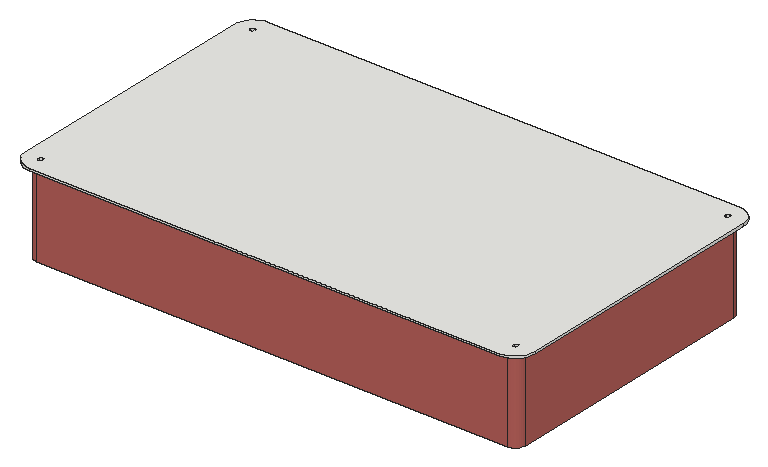
Revit family "Building-ContenitoriIncasso-GEWISS-48PTDIN-CASSETTE-DERIVAZIONE_INCASSO", category Apparecchi elettrici, host Superficie, Revit 2016 (continued)
Definition of nested family "2D - 48PTDIN CASSETTE DERIVAZIONE INCASSO"
  Lines and regions (mm)
    detail lines, in view "Livello rif.", detail levels medium+fine
      curve 319: line (-11.368, -87.5, 0) -> (-98.945, -87.5, 0)
      curve 320: line (-98.945, -87.5, 0) -> (-108, -78.445, 0)
      curve 321: line (-108, -78.445, 0) -> (-108, 78.445, 0)
      curve 322: line (-108, 78.445, 0) -> (-98.945, 87.5, 0)
      curve 323: line (-98.945, 87.5, 0) -> (-11.368, 87.5, 0)
      curve 324: line (-11.368, 87.5, 0) -> (-1.2, 87.5, 0)
      curve 325: line (-1.2, 87.5, 0) -> (-1.2, 97.587, 0)
      curve 328: line (0, 97.628, 0) -> (0, -97.625, 0)
    detail lines, in view "Livello rif.", not visible, detail levels medium+fine
      curve 329: line (-21.237, -253.992, 0) -> (-21.237, -263.474, 0)
      curve 330: line (-21.237, -263.474, 0) -> (-15.311, -263.474, 0)
      curve 331: line (-15.311, -263.474, 0) -> (-15.311, -264.782, 0)
      curve 332: line (-15.311, -264.782, 0) -> (-21.237, -264.782, 0)
      curve 333: line (-21.237, -264.782, 0) -> (-21.237, -268.868, 0)
      curve 334: line (-21.237, -268.868, 0) -> (-17.559, -268.868, 0)
      curve 335: line (-17.559, -268.868, 0) -> (-14.906, -268.379, 0)
      curve 336: line (-14.906, -268.379, 0) -> (-12.602, -266.976, 0)
      curve 337: line (-12.602, -266.976, 0) -> (-10.95, -264.843, 0)
      curve 338: line (-10.95, -264.843, 0) -> (-10.168, -262.262, 0)
      curve 339: line (-10.168, -262.262, 0) -> (-10.37, -259.387, 0)
      curve 340: line (-10.37, -259.387, 0) -> (-17.15, -259.387, 0)
      curve 341: line (-17.15, -259.387, 0) -> (-17.15, -258.079, 0)
      curve 342: line (-17.15, -258.079, 0) -> (-11.33, -258.079, 0)
      curve 343: line (-11.33, -258.079, 0) -> (-11.172, -258.022, 0)
      curve 344: line (-11.172, -258.022, 0) -> (-11.088, -257.877, 0)
      curve 345: line (-11.088, -257.877, 0) -> (-11.118, -257.711, 0)
      curve 346: line (-11.118, -257.711, 0) -> (-12.778, -255.733, 0)
      curve 347: line (-12.778, -255.733, 0) -> (-15.015, -254.441, 0)
      curve 348: line (-15.015, -254.441, 0) -> (-17.559, -253.992, 0)
      curve 349: line (-17.559, -253.992, 0) -> (-21.237, -253.992, 0)
      curve 350: line (-26.632, -263.474, 0) -> (-34.07, -263.474, 0)
      curve 351: line (-34.07, -263.474, 0) -> (-34.07, -253.992, 0)
      curve 352: line (-34.07, -253.992, 0) -> (-22.545, -253.992, 0)
      curve 353: line (-22.545, -253.992, 0) -> (-22.545, -258.079, 0)
      curve 354: line (-22.545, -258.079, 0) -> (-29.983, -258.079, 0)
      curve 355: line (-29.983, -258.079, 0) -> (-29.983, -259.387, 0)
      curve 356: line (-29.983, -259.387, 0) -> (-22.545, -259.387, 0)
      curve 357: line (-22.545, -259.387, 0) -> (-22.545, -268.868, 0)
      curve 358: line (-22.545, -268.868, 0) -> (-34.07, -268.868, 0)
      curve 359: line (-34.07, -268.868, 0) -> (-34.07, -264.782, 0)
      curve 360: line (-34.07, -264.782, 0) -> (-26.632, -264.782, 0)
      curve 361: line (-26.632, -264.782, 0) -> (-26.632, -263.474, 0)
      curve 362: line (-35.378, -268.868, 0) -> (-35.378, -259.387, 0)
      curve 363: line (-35.378, -259.387, 0) -> (-39.465, -259.387, 0)
      curve 364: line (-39.465, -259.387, 0) -> (-39.465, -268.868, 0)
      curve 365: line (-39.465, -268.868, 0) -> (-35.378, -268.868, 0)
      curve 366: line (-60.43, -253.992, 0) -> (-60.43, -258.079, 0)
      curve 367: line (-60.43, -258.079, 0) -> (-55.812, -258.079, 0)
      curve 368: line (-55.812, -258.079, 0) -> (-53.196, -268.868, 0)
      curve 369: line (-53.196, -268.868, 0) -> (-49.109, -268.868, 0)
      curve 370: line (-49.109, -268.868, 0) -> (-47.904, -262.738, 0)
      curve 371: line (-47.904, -262.738, 0) -> (-46.698, -268.868, 0)
      curve 372: line (-46.698, -268.868, 0) -> (-42.611, -268.868, 0)
      curve 373: line (-42.611, -268.868, 0) -> (-40.2, -258.079, 0)
      curve 374: line (-40.2, -258.079, 0) -> (-35.378, -258.079, 0)
      curve 375: line (-35.378, -258.079, 0) -> (-35.378, -253.992, 0)
      curve 376: line (-35.378, -253.992, 0) -> (-43.347, -253.992, 0)
      curve 377: line (-43.347, -253.992, 0) -> (-44.818, -260.286, 0)
      curve 378: line (-44.818, -260.286, 0) -> (-45.84, -253.992, 0)
      curve 379: line (-45.84, -253.992, 0) -> (-50.09, -253.992, 0)
      curve 380: line (-50.09, -253.992, 0) -> (-51.112, -260.286, 0)
      curve 381: line (-51.112, -260.286, 0) -> (-52.583, -253.992, 0)
      curve 382: line (-52.583, -253.992, 0) -> (-60.43, -253.992, 0)
      curve 383: line (-67.868, -268.868, 0) -> (-67.868, -253.992, 0)
      curve 384: line (-67.868, -253.992, 0) -> (-61.738, -253.992, 0)
      curve 385: line (-61.738, -253.992, 0) -> (-61.738, -258.079, 0)
      curve 386: line (-61.738, -258.079, 0) -> (-63.781, -258.079, 0)
      curve 387: line (-63.781, -258.079, 0) -> (-63.781, -259.387, 0)
      curve 388: line (-63.781, -259.387, 0) -> (-56.343, -259.387, 0)
      curve 389: line (-56.343, -259.387, 0) -> (-56.343, -263.474, 0)
      curve 390: line (-56.343, -263.474, 0) -> (-63.781, -263.474, 0)
      curve 391: line (-63.781, -263.474, 0) -> (-63.781, -264.782, 0)
      curve 392: line (-63.781, -264.782, 0) -> (-56.343, -264.782, 0)
      curve 393: line (-56.343, -264.782, 0) -> (-56.343, -268.868, 0)
      curve 394: line (-56.343, -268.868, 0) -> (-67.868, -268.868, 0)
      curve 395: line (-73.263, -264.782, 0) -> (-73.263, -259.387, 0)
      curve 396: line (-73.263, -259.387, 0) -> (-69.176, -259.387, 0)
      curve 397: line (-69.176, -259.387, 0) -> (-69.176, -268.868, 0)
      curve 398: line (-69.176, -268.868, 0) -> (-72.854, -268.868, 0)
      curve 399: line (-72.854, -268.868, 0) -> (-76.081, -268.132, 0)
      curve 400: line (-76.081, -268.132, 0) -> (-78.669, -266.068, 0)
      curve 401: line (-78.669, -266.068, 0) -> (-80.106, -263.086, 0)
      curve 402: line (-80.106, -263.086, 0) -> (-80.106, -259.775, 0)
      curve 403: line (-80.106, -259.775, 0) -> (-78.669, -256.793, 0)
      curve 404: line (-78.669, -256.793, 0) -> (-76.081, -254.729, 0)
      curve 405: line (-76.081, -254.729, 0) -> (-72.854, -253.992, 0)
      curve 406: line (-72.854, -253.992, 0) -> (-69.176, -253.992, 0)
      curve 407: line (-69.176, -253.992, 0) -> (-69.176, -258.079, 0)
      curve 408: line (-69.176, -258.079, 0) -> (-74.571, -258.079, 0)
      curve 409: line (-74.571, -258.079, 0) -> (-74.571, -264.782, 0)
      curve 410: line (-74.571, -264.782, 0) -> (-73.263, -264.782, 0)
      curve 460: line (-21.237, -236.621, 0) -> (-21.237, -246.102, 0)
      curve 461: line (-21.237, -246.102, 0) -> (-15.311, -246.102, 0)
      curve 462: line (-15.311, -246.102, 0) -> (-15.311, -247.41, 0)
      curve 463: line (-15.311, -247.41, 0) -> (-21.237, -247.41, 0)
      curve 464: line (-21.237, -247.41, 0) -> (-21.237, -251.497, 0)
      curve 465: line (-21.237, -251.497, 0) -> (-17.559, -251.497, 0)
      curve 466: line (-17.559, -251.497, 0) -> (-14.906, -251.008, 0)
      curve 467: line (-14.906, -251.008, 0) -> (-12.602, -249.604, 0)
      curve 468: line (-12.602, -249.604, 0) -> (-10.95, -247.472, 0)
      curve 469: line (-10.95, -247.472, 0) -> (-10.168, -244.89, 0)
      curve 470: line (-10.168, -244.89, 0) -> (-10.37, -242.015, 0)
      curve 471: line (-10.37, -242.015, 0) -> (-17.15, -242.015, 0)
      curve 472: line (-17.15, -242.015, 0) -> (-17.15, -240.708, 0)
      curve 473: line (-17.15, -240.708, 0) -> (-11.33, -240.708, 0)
      curve 474: line (-11.33, -240.708, 0) -> (-11.172, -240.65, 0)
      curve 475: line (-11.172, -240.65, 0) -> (-11.088, -240.505, 0)
      curve 476: line (-11.088, -240.505, 0) -> (-11.118, -240.34, 0)
      curve 477: line (-11.118, -240.34, 0) -> (-12.778, -238.361, 0)
      curve 478: line (-12.778, -238.361, 0) -> (-15.015, -237.069, 0)
      curve 479: line (-15.015, -237.069, 0) -> (-17.559, -236.621, 0)
      curve 480: line (-17.559, -236.621, 0) -> (-21.237, -236.621, 0)
      curve 481: line (-26.632, -246.102, 0) -> (-34.07, -246.102, 0)
      curve 482: line (-34.07, -246.102, 0) -> (-34.07, -236.621, 0)
      curve 483: line (-34.07, -236.621, 0) -> (-22.545, -236.621, 0)
      curve 484: line (-22.545, -236.621, 0) -> (-22.545, -240.708, 0)
      curve 485: line (-22.545, -240.708, 0) -> (-29.983, -240.708, 0)
      curve 486: line (-29.983, -240.708, 0) -> (-29.983, -242.015, 0)
      curve 487: line (-29.983, -242.015, 0) -> (-22.545, -242.015, 0)
      curve 488: line (-22.545, -242.015, 0) -> (-22.545, -251.497, 0)
      curve 489: line (-22.545, -251.497, 0) -> (-34.07, -251.497, 0)
      curve 490: line (-34.07, -251.497, 0) -> (-34.07, -247.41, 0)
      curve 491: line (-34.07, -247.41, 0) -> (-26.632, -247.41, 0)
      curve 492: line (-26.632, -247.41, 0) -> (-26.632, -246.102, 0)
      curve 493: line (-35.378, -251.497, 0) -> (-35.378, -242.015, 0)
      curve 494: line (-35.378, -242.015, 0) -> (-39.465, -242.015, 0)
      curve 495: line (-39.465, -242.015, 0) -> (-39.465, -251.497, 0)
      curve 496: line (-39.465, -251.497, 0) -> (-35.378, -251.497, 0)
      curve 497: line (-60.43, -236.621, 0) -> (-60.43, -240.708, 0)
      curve 498: line (-60.43, -240.708, 0) -> (-55.812, -240.708, 0)
      curve 499: line (-55.812, -240.708, 0) -> (-53.196, -251.497, 0)
      curve 500: line (-53.196, -251.497, 0) -> (-49.109, -251.497, 0)
      curve 501: line (-49.109, -251.497, 0) -> (-47.904, -245.367, 0)
      curve 502: line (-47.904, -245.367, 0) -> (-46.698, -251.497, 0)
      curve 503: line (-46.698, -251.497, 0) -> (-42.611, -251.497, 0)
      curve 504: line (-42.611, -251.497, 0) -> (-40.2, -240.708, 0)
      curve 505: line (-40.2, -240.708, 0) -> (-35.378, -240.708, 0)
      curve 506: line (-35.378, -240.708, 0) -> (-35.378, -236.621, 0)
      curve 507: line (-35.378, -236.621, 0) -> (-43.347, -236.621, 0)
      curve 508: line (-43.347, -236.621, 0) -> (-44.818, -242.915, 0)
      curve 509: line (-44.818, -242.915, 0) -> (-45.84, -236.621, 0)
      curve 510: line (-45.84, -236.621, 0) -> (-50.09, -236.621, 0)
      curve 511: line (-50.09, -236.621, 0) -> (-51.112, -242.915, 0)
      curve 512: line (-51.112, -242.915, 0) -> (-52.583, -236.621, 0)
      curve 513: line (-52.583, -236.621, 0) -> (-60.43, -236.621, 0)
      curve 514: line (-67.868, -251.497, 0) -> (-67.868, -236.621, 0)
      curve 515: line (-67.868, -236.621, 0) -> (-61.738, -236.621, 0)
      curve 516: line (-61.738, -236.621, 0) -> (-61.738, -240.708, 0)
      curve 517: line (-61.738, -240.708, 0) -> (-63.781, -240.708, 0)
      curve 518: line (-63.781, -240.708, 0) -> (-63.781, -242.015, 0)
      curve 519: line (-63.781, -242.015, 0) -> (-56.343, -242.015, 0)
      curve 520: line (-56.343, -242.015, 0) -> (-56.343, -246.102, 0)
      curve 521: line (-56.343, -246.102, 0) -> (-63.781, -246.102, 0)
      curve 522: line (-63.781, -246.102, 0) -> (-63.781, -247.41, 0)
      curve 523: line (-63.781, -247.41, 0) -> (-56.343, -247.41, 0)
      curve 524: line (-56.343, -247.41, 0) -> (-56.343, -251.497, 0)
      curve 525: line (-56.343, -251.497, 0) -> (-67.868, -251.497, 0)
      curve 526: line (-73.263, -247.41, 0) -> (-73.263, -242.015, 0)
      curve 527: line (-73.263, -242.015, 0) -> (-69.176, -242.015, 0)
      curve 528: line (-69.176, -242.015, 0) -> (-69.176, -251.497, 0)
      curve 529: line (-69.176, -251.497, 0) -> (-72.854, -251.497, 0)
      curve 530: line (-72.854, -251.497, 0) -> (-76.081, -250.76, 0)
      curve 531: line (-76.081, -250.76, 0) -> (-78.669, -248.696, 0)
      curve 532: line (-78.669, -248.696, 0) -> (-80.106, -245.714, 0)
      curve 533: line (-80.106, -245.714, 0) -> (-80.106, -242.404, 0)
      curve 534: line (-80.106, -242.404, 0) -> (-78.669, -239.421, 0)
      curve 535: line (-78.669, -239.421, 0) -> (-76.081, -237.357, 0)
      curve 536: line (-76.081, -237.357, 0) -> (-72.854, -236.621, 0)
      curve 537: line (-72.854, -236.621, 0) -> (-69.176, -236.621, 0)
      curve 538: line (-69.176, -236.621, 0) -> (-69.176, -240.708, 0)
      curve 539: line (-69.176, -240.708, 0) -> (-74.571, -240.708, 0)
      curve 540: line (-74.571, -240.708, 0) -> (-74.571, -247.41, 0)
      curve 541: line (-74.571, -247.41, 0) -> (-73.263, -247.41, 0)
  Dimensions and locks
    equal spacing: plane 4, plane 3 "Centro (Sinistra/Destra)", plane 5
    equal spacing: plane 6, plane 1 "Centro (Fronte/Retro)", plane 7
    "Larghezza": plane 6 to plane 7
    "Lunghezza": plane 4 to plane 5
    locked: plane 4 to curve 149 at 17.894
    locked: curve 99 to plane 6 at 17.619
    aligned and locked: curve 73 to plane 6
    aligned and locked: curve 326 to plane 7
    aligned and locked: plane 5 to curve 327
    aligned and locked: plane 4 to curve 72
  Automatic sketch dimensions
    curve 43 to curve 55 = 0 mm  (x2)
    curve 43 to curve 63 = 0 mm  (x2)
    curve 43 to curve 64 = 0 mm  (x2)
    curve 46 to curve 57 = 0 mm  (x2)
    curve 46 to curve 66 = 0 mm  (x2)
    curve 46 to curve 68 = 0 mm  (x2)
    curve 49 to curve 56 = 0 mm  (x2)
    curve 49 to curve 61 = 0 mm  (x2)
    curve 49 to curve 62 = 0 mm  (x2)
    curve 52 to curve 58 = 0 mm  (x2)
    curve 52 to curve 65 = 0 mm  (x2)
    curve 52 to curve 67 = 0 mm  (x2)
    curve 27 to plane 4 = 0 mm
    plane 1 "Centro (Fronte/Retro)" to curve 286 = 0 mm
    curve 326 to plane 7 = 0 mm
    curve 27 to plane 6 = 0 mm
    curve 328 to plane 3 "Centro (Sinistra/Destra)" = 0 mm
    plane 1 "Centro (Fronte/Retro)" to curve 226 = 0 mm
    curve 28 to plane 5 = 0 mm
    plane 4 to curve 48 = 1.813 mm
    plane 4 to curve 54 = 1.813 mm
    curve 54 to curve 52 = 0.187 mm
    curve 48 to curve 46 = 0.187 mm
    curve 70 to curve 52 = 0 mm
    curve 60 to curve 46 = 0 mm
    curve 70 to curve 53 = 1.502 mm
    curve 60 to curve 47 = 1.502 mm
    plane 4 to curve 33 = 5.985 mm
    plane 4 to curve 38 = 5.985 mm
    curve 33 to curve 40 = 4.014 mm
    curve 40 to curve 30 = 0.001 mm  (x2)
    curve 38 to curve 27 = 4.015 mm
    curve 27 to curve 42 = 0.006 mm
    curve 42 to curve 37 = 0.009 mm
    curve 40 to curve 34 = 0.016 mm
    curve 36 to plane 5 = 10.015 mm
    curve 31 to plane 5 = 10.015 mm
    curve 31 to curve 39 = 0.013 mm
    curve 39 to curve 29 = 0.002 mm
    curve 36 to curve 28 = 0.015 mm
    curve 29 to curve 32 = 4.015 mm
    curve 41 to curve 35 = 4.008 mm
    curve 50 to plane 5 = 3.502 mm
    curve 44 to plane 5 = 3.502 mm
    curve 50 to curve 56 = 1.502 mm
    curve 44 to curve 63 = 1.502 mm
    curve 69 to curve 49 = 0 mm
    curve 59 to curve 43 = 0 mm
    curve 43 to curve 45 = 0.187 mm
    curve 49 to curve 51 = 0.187 mm
    plane 7 to curve 44 = 1.813 mm
    plane 7 to curve 47 = 1.813 mm
    curve 47 to curve 60 = 0.185 mm
    curve 44 to curve 59 = 0.185 mm
    curve 59 to curve 63 = 0.002 mm
    curve 60 to curve 66 = 0.002 mm
    curve 43 to curve 45 = 1.502 mm
    curve 46 to curve 48 = 1.502 mm
    curve 31 to curve 29 = 4.015 mm
    curve 34 to curve 30 = 4.015 mm
    curve 29 to curve 39 = 0.006 mm
    curve 39 to curve 32 = 0.01 mm
    curve 40 to curve 33 = 0.017 mm
    curve 38 to curve 27 = 0.015 mm
    curve 35 to curve 28 = 0.015 mm
    curve 42 to curve 27 = 0.002 mm
    curve 28 to curve 41 = 0.006 mm
    curve 41 to curve 36 = 4.009 mm
    curve 27 to curve 37 = 4.015 mm
    curve 51 to plane 6 = 3.502 mm
    curve 54 to plane 6 = 3.502 mm
    curve 54 to curve 52 = 1.502 mm
    curve 51 to curve 61 = 1.502 mm
    curve 49 to curve 69 = 0.002 mm
    curve 52 to curve 70 = 0.002 mm
    curve 70 to curve 53 = 0.185 mm
    curve 69 to curve 50 = 0.185 mm
    plane 4 to curve 65 = 2.57 mm
    plane 4 to curve 68 = 2.57 mm
    curve 68 to curve 68 = 1.201 mm
    curve 65 to curve 53 = 1.201 mm
    curve 159 to curve 33 = 1.105 mm  (x2)
    curve 162 to curve 38 = 1.105 mm
    curve 162 to curve 38 = 0 mm
    curve 159 to curve 33 = 0 mm  (x2)
    curve 47 to curve 47 = 1.641 mm
    curve 53 to curve 53 = 1.641 mm
    curve 47 to curve 66 = 0.626 mm
    curve 53 to curve 67 = 0.626 mm
    curve 67 to curve 281 = 0.003 mm
    curve 66 to curve 277 = 0.003 mm
    curve 281 to curve 282 = 0.006 mm
    curve 277 to curve 278 = 0.006 mm
    plane 4 to curve 289 = 6.068 mm
    plane 1 "Centro (Fronte/Retro)" to curve 276 = 0.75 mm
    plane 4 to curve 276 = 6.068 mm
    curve 282 to curve 283 = 0.193 mm
    curve 278 to curve 278 = 0.193 mm
    curve 279 to curve 186 = 0.801 mm
    curve 281 to curve 283 = 0.801 mm
    curve 33 to curve 158 = 1.108 mm
    curve 38 to curve 38 = 1.11 mm
    curve 194 to curve 196 = 0.497 mm
    curve 273 to curve 173 = 1.47 mm
    curve 289 to curve 174 = 1.47 mm
    curve 279 to curve 187 = 0.497 mm
    curve 268 to curve 185 = 1.47 mm
    curve 185 to curve 46 = 0 mm
    curve 194 to curve 52 = 0 mm
    curve 162 to curve 37 = 1.11 mm
    curve 34 to curve 34 = 1.108 mm
    curve 174 to curve 288 = 2.962 mm
    curve 186 to curve 267 = 3.459 mm
    curve 283 to curve 292 = 3.459 mm
    curve 274 to curve 267 = 0 mm
    curve 34 to curve 34 = 1.105 mm
    curve 37 to curve 37 = 1.105 mm
    curve 37 to curve 163 = 0 mm
    curve 34 to curve 158 = 0 mm  (x2)
    curve 266 to curve 320 = 1.5 mm
    curve 163 to curve 197 = 1.842 mm
    curve 158 to curve 182 = 1.842 mm
    curve 182 to curve 46 = 0 mm  (x2)
    curve 197 to curve 52 = 0 mm
    curve 182 to curve 272 = 0.237 mm
    curve 197 to curve 198 = 0.237 mm
    curve 306 to curve 304 = 0.324 mm
    curve 271 to curve 272 = 0.324 mm
    curve 307 to plane 6 = 6.24 mm
    curve 307 to curve 58 = 0.052 mm
    curve 270 to curve 57 = 0.052 mm
    curve 305 to plane 6 = 6.046 mm
    curve 58 to curve 305 = 0.015 mm
    plane 7 to curve 269 = 6.046 mm
    curve 57 to curve 269 = 0.015 mm
    plane 7 to curve 270 = 6.041 mm
    curve 269 to curve 270 = 0.002 mm
    curve 304 to plane 6 = 6.041 mm
    curve 305 to curve 304 = 0.002 mm
    curve 304 to curve 54 = 0.183 mm
    curve 270 to curve 57 = 0.183 mm
    curve 54 to curve 70 = 0.149 mm
    curve 48 to curve 60 = 0.149 mm
    curve 54 to curve 70 = 0.117 mm
    curve 48 to curve 60 = 0.117 mm
    curve 46 to curve 265 = 7.537 mm
    curve 52 to curve 294 = 7.537 mm
    curve 265 to curve 320 = 0.555 mm
    curve 293 to curve 322 = 0.555 mm
    curve 322 to curve 294 = 13.395 mm
    curve 319 to curve 184 = 13.395 mm
    curve 264 to curve 261 = 1.5 mm
    curve 294 to curve 298 = 1.5 mm
    curve 299 to plane 6 = 11 mm
    curve 299 to plane 3 "Centro (Sinistra/Destra)" = 23.15 mm
    plane 7 to curve 260 = 6.068 mm
    curve 260 to plane 3 "Centro (Sinistra/Destra)" = 23.15 mm
    curve 260 to curve 258 = 1.5 mm
    curve 299 to curve 300 = 1.5 mm
    curve 257 to curve 319 = 10.282 mm
    curve 301 to curve 303 = 10.282 mm
    curve 256 to curve 318 = 0 mm
    curve 324 to curve 303 = 0 mm
    curve 256 to plane 3 "Centro (Sinistra/Destra)" = 1.2 mm
    curve 303 to plane 3 "Centro (Sinistra/Destra)" = 1.2 mm
    plane 3 "Centro (Sinistra/Destra)" to curve 208 = 1.2 mm
    plane 3 "Centro (Sinistra/Destra)" to curve 244 = 1.2 mm
    curve 315 to curve 314 = 10.168 mm
    curve 244 to curve 244 = 10.168 mm
    curve 309 to curve 244 = 0 mm
    curve 209 to curve 314 = 0 mm
    curve 208 to curve 201 = 10.282 mm
    curve 244 to curve 246 = 10.282 mm
    curve 246 to curve 248 = 1.5 mm
    curve 201 to curve 168 = 1.5 mm
    curve 250 to curve 31 = 25.935 mm
    curve 213 to plane 6 = 11 mm
    curve 213 to curve 28 = 25.95 mm
    curve 168 to curve 188 = 1.5 mm
    curve 249 to curve 235 = 1.5 mm
    curve 310 to curve 39 = 11.119 mm
    curve 313 to curve 28 = 11.055 mm
    curve 313 to curve 217 = 0.555 mm
    curve 310 to curve 233 = 0.621 mm
    curve 59 to curve 39 = 4.039 mm
    curve 69 to curve 41 = 4.048 mm
    curve 59 to curve 59 = 0.117 mm
    curve 69 to curve 51 = 0.117 mm
    curve 59 to curve 55 = 0.149 mm
    curve 51 to curve 56 = 0.149 mm
    curve 204 to plane 6 = 6.041 mm
    curve 51 to curve 204 = 0.183 mm
    plane 7 to curve 252 = 6.041 mm
    curve 45 to curve 252 = 0.183 mm
    curve 205 to plane 6 = 6.046 mm
    curve 204 to curve 205 = 0.002 mm
    plane 7 to curve 253 = 6.046 mm
    curve 252 to curve 253 = 0.002 mm
    curve 252 to curve 55 = 0.017 mm
    curve 204 to curve 56 = 0.017 mm
    curve 207 to plane 6 = 6.24 mm
    curve 205 to curve 207 = 0.067 mm
    curve 253 to curve 253 = 0.067 mm
    plane 7 to curve 254 = 6.24 mm
    curve 252 to curve 180 = 0.324 mm
    curve 205 to curve 189 = 0.324 mm
    curve 190 to curve 49 = 0.237 mm
    curve 181 to curve 43 = 0.237 mm
    curve 43 to curve 180 = 0 mm
    curve 49 to curve 189 = 0 mm
    curve 312 to curve 39 = 1.998 mm
    curve 160 to curve 36 = 1.108 mm
    curve 31 to curve 31 = 1.102 mm
    curve 312 to curve 218 = 1.5 mm
    curve 222 to curve 219 = 0 mm
    curve 229 to plane 5 = 10.5 mm
    curve 71 to curve 218 = 0 mm
    curve 231 to curve 228 = 0 mm
    curve 31 to curve 31 = 1.105 mm  (x2)
    curve 31 to curve 74 = 0 mm  (x2)
    curve 36 to curve 36 = 1.108 mm
    curve 49 to curve 35 = 1.553 mm
    curve 43 to curve 32 = 1.553 mm
    curve 43 to curve 178 = 0 mm
    curve 223 to curve 169 = 2.962 mm
    curve 193 to curve 169 = 0 mm
    plane 1 "Centro (Fronte/Retro)" to curve 170 = 0.75 mm
    curve 170 to curve 169 = 0 mm
    curve 35 to curve 35 = 1.108 mm  (x2)
    curve 75 to curve 32 = 1.105 mm
    curve 75 to curve 32 = 0 mm  (x2)
    curve 176 to curve 177 = 0.497 mm
    curve 191 to curve 238 = 0.497 mm
    curve 177 to curve 242 = 0.801 mm
    curve 238 to curve 239 = 0.801 mm
    curve 176 to curve 231 = 1.47 mm
    curve 169 to curve 222 = 1.47 mm
    curve 170 to curve 226 = 1.47 mm
    curve 237 to curve 237 = 0.193 mm
    curve 241 to curve 241 = 0.193 mm
    curve 241 to curve 240 = 0.006 mm
    curve 237 to curve 236 = 0.006 mm
    curve 236 to curve 62 = 0.003 mm
    curve 240 to curve 63 = 0.003 mm
    curve 236 to curve 50 = 0.629 mm
    curve 240 to curve 44 = 0.629 mm
    curve 32 to curve 32 = 1.102 mm
    curve 50 to curve 61 = 1.641 mm
    curve 44 to curve 44 = 1.641 mm
    curve 44 to curve 64 = 1.201 mm
    curve 50 to curve 61 = 1.201 mm
    curve 164 to plane 5 = 2.371 mm
    curve 328 to curve 308 = 0.038 mm
    curve 328 to curve 317 = 0.038 mm
    plane 7 to curve 59 = 2.568 mm
    plane 7 to curve 60 = 2.568 mm
    curve 159 to curve 34 = 1.102 mm
    plane 7 to curve 262 = 6.068 mm
    plane 7 to curve 246 = 6.068 mm
    curve 252 to curve 255 = 0.801 mm
    curve 271 to curve 272 = 0.801 mm
    curve 258 to curve 202 = 1.47 mm
    curve 182 to curve 182 = 0.497 mm
    curve 246 to curve 200 = 1.47 mm
    curve 247 to curve 171 = 1.47 mm
    curve 262 to curve 172 = 1.47 mm
    curve 263 to curve 184 = 1.47 mm
    curve 235 to curve 179 = 1.47 mm
    curve 179 to curve 43 = 0 mm
    curve 74 to curve 32 = 1.108 mm
    curve 200 to curve 245 = 3.462 mm
    curve 179 to curve 235 = 3.462 mm
    curve 260 to curve 258 = 0 mm
    curve 250 to curve 234 = 0 mm
    curve 264 to curve 262 = 0 mm
    curve 46 to curve 266 = 3.462 mm
    curve 244 to curve 309 = 1.5 mm
    curve 265 to curve 319 = 1.5 mm
    curve 233 to curve 311 = 1.5 mm
    curve 46 to curve 187 = 0 mm
    curve 43 to curve 177 = 0 mm
    curve 176 to curve 243 = 0.237 mm
    curve 185 to curve 186 = 0.237 mm
    curve 177 to curve 241 = 0.324 mm
    curve 186 to curve 280 = 0.324 mm
    curve 241 to curve 63 = 0.052 mm
    curve 277 to curve 66 = 0.052 mm
    curve 63 to curve 241 = 0.015 mm
    curve 66 to curve 278 = 0.015 mm
    curve 241 to curve 240 = 0.002 mm
    curve 278 to curve 277 = 0.002 mm
    curve 186 to curve 266 = 7.8 mm
    curve 177 to curve 232 = 7.8 mm
    curve 266 to curve 320 = 0.555 mm
    curve 232 to curve 312 = 0.621 mm
    curve 311 to curve 232 = 13.229 mm
    curve 266 to curve 273 = 13.85 mm
    curve 268 to curve 273 = 1.5 mm
    curve 231 to curve 228 = 1.5 mm
    curve 224 to plane 1 "Centro (Fronte/Retro)" = 0.75 mm
    curve 174 to plane 1 "Centro (Fronte/Retro)" = 0.75 mm
    curve 288 to curve 42 = 26.348 mm
    curve 169 to curve 35 = 26.335 mm
    curve 289 to curve 291 = 1.5 mm
    curve 222 to curve 219 = 1.5 mm
    curve 219 to curve 71 = 4.227 mm
    curve 71 to curve 71 = 8.623 mm
    curve 71 to curve 312 = 0.445 mm
    curve 321 to curve 42 = 11.553 mm
    curve 321 to curve 293 = 0.555 mm
    curve 71 to curve 219 = 1 mm
    curve 61 to curve 41 = 4.047 mm
    curve 65 to curve 42 = 4.039 mm
    curve 281 to curve 67 = 0.017 mm
    curve 236 to curve 62 = 0.017 mm
    curve 236 to curve 237 = 0.002 mm
    curve 281 to curve 282 = 0.002 mm
    curve 237 to curve 237 = 0.067 mm
    curve 282 to curve 281 = 0.067 mm
    curve 236 to curve 239 = 0.324 mm
    curve 281 to curve 194 = 0.324 mm
    curve 194 to curve 52 = 0.237 mm
    curve 192 to curve 49 = 0.237 mm
    curve 49 to curve 193 = 0 mm
    curve 52 to curve 194 = 0 mm
    curve 314 to curve 49 = 4.962 mm
    curve 160 to curve 35 = 1.102 mm
    curve 38 to curve 38 = 1.1 mm
    curve 322 to curve 294 = 1.5 mm
    curve 294 to curve 297 = 0 mm
    curve 299 to curve 301 = 0 mm
    curve 314 to curve 209 = 1.5 mm
    curve 213 to curve 216 = 0 mm
    curve 38 to curve 162 = 0 mm
    curve 52 to curve 199 = 0 mm
    curve 208 to curve 201 = 3.462 mm
    curve 49 to curve 190 = 0 mm
    curve 203 to curve 201 = 0 mm
    curve 199 to curve 175 = 0 mm
    curve 168 to curve 188 = 0 mm
    curve 163 to curve 37 = 1.105 mm
    curve 163 to curve 37 = 0 mm
    curve 160 to curve 36 = 1.102 mm
    curve 188 to curve 206 = 0.497 mm
    curve 197 to curve 197 = 0.497 mm
    curve 175 to curve 296 = 1.47 mm
    curve 168 to curve 215 = 1.47 mm
    curve 175 to curve 299 = 1.47 mm
    curve 168 to curve 212 = 1.47 mm
    curve 304 to curve 58 = 0.003 mm
    curve 204 to curve 56 = 0.003 mm
    curve 325 to curve 316 = 0 mm
    curve 325 to curve 328 = 0.041 mm
Types (6, lengths in mm): name | Scheda Tecnica | Predisposizione scomparti | Potenza max dissipabile (W) | Potenza dissipabile (W) | N. supporti GW44720 inst. | N. mod. EN 50022 per scompartimento | Modello | IDT | GEWISS SCHEDA TECNICA | Profondità | Lunghezza | Larghezza | Dim. esterne BxHxP (mm) | Descrizione | Codice EAN
  GW48006 - CASSETTA DERIV. INC. G. DIN 196X152X75 | "https://www.gewiss.com/it/it/search?q=GW48006" | "2" | "11" | "11" | "2" | "4,5" | "GW48006" | "305b9303-99aa-42b5-a90e-5a8c033358f3" | "http://pro.gewiss.com/irj/portal/?NavigationTarget=pcd:portal_content/com.gewiss.ZPPFDMain/com.gewiss.ZPPFDITMain/com.gewiss.ZPPFDITMainDefault/com.gewiss.ZPPFDITPages/com.gewiss.ZPPFDITPagesAP/com.gewiss.ZPPFDITPagesAPCatalogo/com.gewiss.ZPPPDITAPProductDetail&codProd=GW48006" | 75 | 196 | 152 | "196x152x75" | "CASSETTA DERIV. INC. G. DIN 196X152X75" | "8011564016439"
  GW48007 - CASSETTA DERIV. INC. G. DIN 294X152X75 | "https://www.gewiss.com/it/it/search?q=GW48007" | "3" | "13" | "13" | "3" | "5" | "GW48007" | "0cf92a8e-c44d-4642-9c3f-9a9475a5a85c" | "http://pro.gewiss.com/irj/portal/?NavigationTarget=pcd:portal_content/com.gewiss.ZPPFDMain/com.gewiss.ZPPFDITMain/com.gewiss.ZPPFDITMainDefault/com.gewiss.ZPPFDITPages/com.gewiss.ZPPFDITPagesAP/com.gewiss.ZPPFDITPagesAPCatalogo/com.gewiss.ZPPPDITAPProductDetail&codProd=GW48007" | 75 | 294 | 152 | "294x152x75" | "CASSETTA DERIV. INC. G. DIN 294X152X75" | "8011564016446"
  GW48008 - CASSETTA DERIV. INC. G. DIN 392X152X75 | "https://www.gewiss.com/it/it/search?q=GW48008" | "4" | "17" | "17" | "4" | "5" | "GW48008" | "96e09294-9605-41d9-91ff-34fa56b97196" | "http://pro.gewiss.com/irj/portal/?NavigationTarget=pcd:portal_content/com.gewiss.ZPPFDMain/com.gewiss.ZPPFDITMain/com.gewiss.ZPPFDITMainDefault/com.gewiss.ZPPFDITPages/com.gewiss.ZPPFDITPagesAP/com.gewiss.ZPPFDITPagesAPCatalogo/com.gewiss.ZPPPDITAPProductDetail&codProd=GW48008" | 75 | 392 | 152 | "392x152x75" | "CASSETTA DERIV. INC. G. DIN 392X152X75" | "8011564016453"
  GW48009 - CASSETTA DERIV. INC. G. DIN 480X160X75 | "https://www.gewiss.com/it/it/search?q=GW48009" | "3" | "25" | "25" | "5" | "8" | "GW48009" | "361155cd-8a20-45f2-a2dc-8370a2e5b508" | "http://pro.gewiss.com/irj/portal/?NavigationTarget=pcd:portal_content/com.gewiss.ZPPFDMain/com.gewiss.ZPPFDITMain/com.gewiss.ZPPFDITMainDefault/com.gewiss.ZPPFDITPages/com.gewiss.ZPPFDITPagesAP/com.gewiss.ZPPFDITPagesAPCatalogo/com.gewiss.ZPPPDITAPProductDetail&codProd=GW48009" | 75 | 480 | 160 | "480x160x75" | "CASSETTA DERIV. INC. G. DIN 480X160X75" | "8011564016460"
  GW48010 - CASSETTA DERIV. INC. G. DIN 516X202X90 | "https://www.gewiss.com/it/it/search?q=GW48010" | "3" | "29" | "29" | "5" | "9" | "GW48010" | "6556ed5e-addf-447a-9f08-b09aa82011aa" | "http://pro.gewiss.com/irj/portal/?NavigationTarget=pcd:portal_content/com.gewiss.ZPPFDMain/com.gewiss.ZPPFDITMain/com.gewiss.ZPPFDITMainDefault/com.gewiss.ZPPFDITPages/com.gewiss.ZPPFDITPagesAP/com.gewiss.ZPPFDITPagesAPCatalogo/com.gewiss.ZPPPDITAPProductDetail&codProd=GW48010" | 90 | 516 | 202 | "516x202x90" | "CASSETTA DERIV. INC. G. DIN 516X202X90" | "8011564016477"
  GW48011 - CASSETTA DERIV. INC. G. DIN 516X294X90 | "https://www.gewiss.com/it/it/search?q=GW48011" | "6" | "30" | "30" | "5" | "4" | "GW48011" | "0a8aa141-8753-4dc7-abbd-525a4c5009ab" | "http://pro.gewiss.com/irj/portal/?NavigationTarget=pcd:portal_content/com.gewiss.ZPPFDMain/com.gewiss.ZPPFDITMain/com.gewiss.ZPPFDITMainDefault/com.gewiss.ZPPFDITPages/com.gewiss.ZPPFDITPagesAP/com.gewiss.ZPPFDITPagesAPCatalogo/com.gewiss.ZPPPDITAPProductDetail&codProd=GW48011" | 90 | 516 | 294 | "516x294x90" | "CASSETTA DERIV. INC. G. DIN 516X294X90" | "8011564016484"
